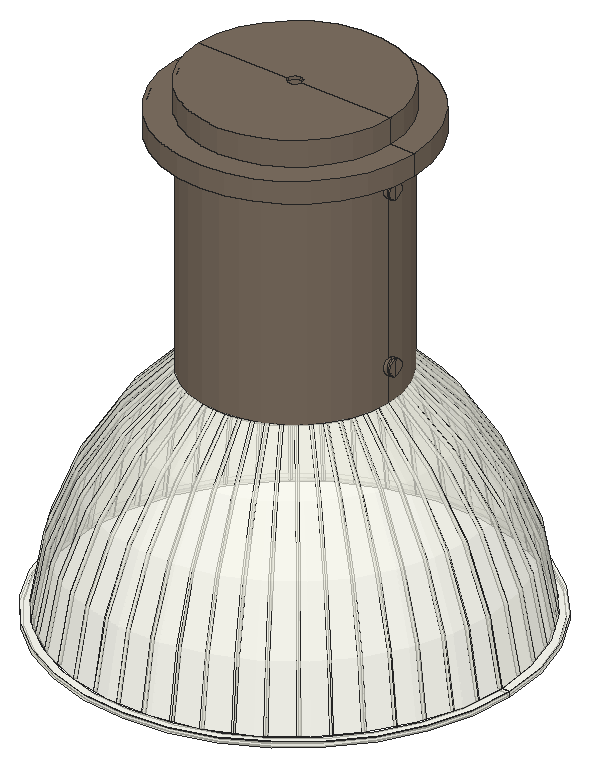
Revit family "FA16", category Lighting Fixtures, Revit 2024
Family settings
  Round Connector Dimension = Use Diameter
  Part Type = Normal
  OmniClass Number = 23.80.70.00
  OmniClass Title = Lighting
  Work Plane-Based = No
  Always vertical = Yes
  Cut with Voids When Loaded = No
  Light Source = No
  Maintain Annotation Orientation = No
  Shared = No
  Room Calculation Point = No
Parameters
  Default Elevation = 0' - 0"
Reference planes (in)
  plane 1 "Light Source Axis (F/B)": y = 0
  plane 2: z = 0
  plane 3 "Light Source Axis (L/R)": x = 0
  plane 4 "Light Source Elevation": z = 54
Forms (in)
  Revolve 1, solid, material "63"
    sketch origin (0, 0, 0) x (1, 0, 0) y (0, 0, 1)
      loop
        line (0.25, 71.75) -> (0.25, 71.65625) -> (3.46875, 71.65625) -> (3.46875, 70.78125) -> (4.34375, 70.78125) -> (4.34375, 70.21875) -> (3.75, 70.21875)
        arc (3.75, 70.21875) -> (3.50693, 70.11807) -> (3.40625, 69.875) r 0.34375
        line (3.40625, 69.875) -> (3.40625, 62.34375) -> (0.25, 62.34375) -> (0.25, 62.25) -> (3.5, 62.25) -> (3.5, 69.875)
        arc (3.5, 69.875) -> (3.57322, 70.05178) -> (3.75, 70.125) r 0.25
        line (3.75, 70.125) -> (4.4375, 70.125) -> (4.4375, 70.875) -> (3.5625, 70.875) -> (3.5625, 71.75) -> (0.25, 71.75)
      axis (0, 71.75) -> (0, 62.25)
    angle from 0 to 360
  Revolve 2, solid, material "63"
    sketch origin (0, 0, -2.5) x (1, 0, 0) y (0, 0, 1)
      loop
        line (3.5, 71.875) -> (3.75, 71.875) -> (3.75, 72.145) -> (3.686, 72.145) -> (3.686, 72.105)
        arc (3.686, 72.105) -> (3.633, 72.052) -> (3.58, 72.105) r 0.053
        arc (3.58, 72.105) -> (3.54, 72.145) -> (3.5, 72.105) r 0.04
        line (3.5, 72.105) -> (3.5, 71.875)
      axis (3.75, 71.875) -> (3.5, 71.875)
    angle from 0 to 360
  Revolve 3, solid, material "63"
    sketch origin (0, 0, -8.375) x (1, 0, 0) y (0, 0, 1)
      loop
        line (3.5, 71.875) -> (3.75, 71.875) -> (3.75, 72.145) -> (3.686, 72.145) -> (3.686, 72.105)
        arc (3.686, 72.105) -> (3.633, 72.052) -> (3.58, 72.105) r 0.053
        arc (3.58, 72.105) -> (3.54, 72.145) -> (3.5, 72.105) r 0.04
        line (3.5, 72.105) -> (3.5, 71.875)
      axis (3.75, 71.875) -> (3.5, 71.875)
    angle from 0 to 360
  Revolve 4, solid, material "63"
    sketch origin (0, 0, -2.5) x (-1, 0, 0) y (0, 0, -1)
      loop
        line (3.5, -71.875) -> (3.5, -72.105)
        arc (3.5, -72.105) -> (3.54, -72.145) -> (3.58, -72.105) r 0.04
        arc (3.58, -72.105) -> (3.633, -72.052) -> (3.686, -72.105) r 0.053
        line (3.686, -72.105) -> (3.686, -72.145) -> (3.75, -72.145) -> (3.75, -71.875) -> (3.5, -71.875)
      axis (3.75, -71.875) -> (3.5, -71.875)
    angle from 0 to 360
  Revolve 5, solid, material "63"
    sketch origin (0, 0, -8.375) x (-1, 0, 0) y (0, 0, -1)
      loop
        line (3.5, -71.875) -> (3.5, -72.105)
        arc (3.5, -72.105) -> (3.54, -72.145) -> (3.58, -72.105) r 0.04
        arc (3.58, -72.105) -> (3.633, -72.052) -> (3.686, -72.105) r 0.053
        line (3.686, -72.105) -> (3.686, -72.145) -> (3.75, -72.145) -> (3.75, -71.875) -> (3.5, -71.875)
      axis (3.75, -71.875) -> (3.5, -71.875)
    angle from 0 to 360
  Revolve 6, solid, material "GLASS SHADE"
    sketch origin (0, 0, 0) x (1, 0, 0) y (0, 0, 1)
      loop
        arc (7.70555, 54.2) -> (6.41241, 58.64798) -> (3.5, 62.25) r 11.7447
        line (3.5, 62.25) -> (0.25, 62.25) -> (0.25, 62.17784) -> (3.44015, 62.17784)
        arc (3.44015, 62.17784) -> (6.34918, 58.56636) -> (7.61908, 54.10625) r 11.65095
        line (7.61908, 54.10625) -> (7.90625, 54.10625) -> (7.90625, 54) -> (8, 54) -> (8, 54.2) -> (7.70555, 54.2)
      axis (0, 54) -> (0, 62.25)
    angle from 0 to 360
  Sweep 7, solid, material "GLASS SHADE"
    path origin (0, 0, 0) x (1, 0, 0) y (0, 0, 1)
      loop
        arc (3.44015, 62.17784) -> (6.31714, 58.603) -> (7.60946, 54.2) r 11.7765
    profile origin (6.31714, 0, 58.603) x (0.886267, 0, 0.463174) y (0, -1, 0)
      loop
        circle (0, 0) r 0.0625
  Sweep 8, solid, material "GLASS SHADE"
    path origin (0, 0, 0) x (0.992115, -0.125333, 0) y (0, 0, 1)
      loop
        arc (3.44015, 62.17784) -> (6.31714, 58.603) -> (7.60946, 54.2) r 11.7765
    profile origin (6.26732, -0.79175, 58.603) x (0.879279, -0.111079, 0.463174) y (-0.125333, -0.992115, 0)
      loop
        circle (0, 0) r 0.0625
  Sweep 9, solid, material "GLASS SHADE"
    path origin (0, 0, 0) x (0.992115, 0.125333, 0) y (0, 0, 1)
      loop
        arc (3.44015, 62.17784) -> (6.31714, 58.603) -> (7.60946, 54.2) r 11.7765
    profile origin (6.26732, 0.79175, 58.603) x (0.879279, 0.111079, 0.463174) y (0.125333, -0.992115, 0)
      loop
        circle (0, 0) r 0.0625
  Sweep 10, solid, material "GLASS SHADE"
    path origin (0, 0, 0) x (0.968583, 0.24869, 0) y (0, 0, 1)
      loop
        arc (3.44015, 62.17784) -> (6.31714, 58.603) -> (7.60946, 54.2) r 11.7765
    profile origin (6.11867, 1.57101, 58.603) x (0.858424, 0.220406, 0.463174) y (0.24869, -0.968583, 0)
      loop
        circle (0, 0) r 0.0625
  Sweep 11, solid, material "GLASS SHADE"
    path origin (0, 0, 0) x (0.929776, 0.368125, 0) y (0, 0, 1)
      loop
        arc (3.44015, 62.17784) -> (6.31714, 58.603) -> (7.60946, 54.2) r 11.7765
    profile origin (5.87353, 2.32549, 58.603) x (0.824031, 0.326257, 0.463174) y (0.368125, -0.929776, 0)
      loop
        circle (0, 0) r 0.0625
  Sweep 12, solid, material "GLASS SHADE"
    path origin (0, 0, 0) x (0.876307, 0.481754, 0) y (0, 0, 1)
      loop
        arc (3.44015, 62.17784) -> (6.31714, 58.603) -> (7.60946, 54.2) r 11.7765
    profile origin (5.53575, 3.0433, 58.603) x (0.776642, 0.426963, 0.463174) y (0.481754, -0.876307, 0)
      loop
        circle (0, 0) r 0.0625
  Sweep 13, solid, material "GLASS SHADE"
    path origin (0, 0, 0) x (0.809017, 0.587785, 0) y (0, 0, 1)
      loop
        arc (3.44015, 62.17784) -> (6.31714, 58.603) -> (7.60946, 54.2) r 11.7765
    profile origin (5.11067, 3.71312, 58.603) x (0.717005, 0.520935, 0.463174) y (0.587785, -0.809017, 0)
      loop
        circle (0, 0) r 0.0625
  Sweep 14, solid, material "GLASS SHADE"
    path origin (0, 0, 0) x (0.728969, 0.684547, 0) y (0, 0, 1)
      loop
        arc (3.44015, 62.17784) -> (6.31714, 58.603) -> (7.60946, 54.2) r 11.7765
    profile origin (4.60499, 4.32438, 58.603) x (0.646061, 0.606692, 0.463174) y (0.684547, -0.728969, 0)
      loop
        circle (0, 0) r 0.0625
  Sweep 15, solid, material "GLASS SHADE"
    path origin (0, 0, 0) x (0.637424, 0.770513, 0) y (0, 0, 1)
      loop
        arc (3.44015, 62.17784) -> (6.31714, 58.603) -> (7.60946, 54.2) r 11.7765
    profile origin (4.02669, 4.86744, 58.603) x (0.564928, 0.682881, 0.463174) y (0.770513, -0.637424, 0)
      loop
        circle (0, 0) r 0.0625
  Sweep 16, solid, material "GLASS SHADE"
    path origin (0, 0, 0) x (0.535827, 0.844328, 0) y (0, 0, 1)
      loop
        arc (3.44015, 62.17784) -> (6.31714, 58.603) -> (7.60946, 54.2) r 11.7765
    profile origin (3.38489, 5.33374, 58.603) x (0.474886, 0.7483, 0.463174) y (0.844328, -0.535827, 0)
      loop
        circle (0, 0) r 0.0625
  Sweep 17, solid, material "GLASS SHADE"
    path origin (0, 0, 0) x (0.425779, 0.904827, 0) y (0, 0, 1)
      loop
        arc (3.44015, 62.17784) -> (6.31714, 58.603) -> (7.60946, 54.2) r 11.7765
    profile origin (2.68971, 5.71592, 58.603) x (0.377354, 0.801919, 0.463174) y (0.904827, -0.425779, 0)
      loop
        circle (0, 0) r 0.0625
  Sweep 18, solid, material "GLASS SHADE"
    path origin (0, 0, 0) x (0.309017, 0.951057, 0) y (0, 0, 1)
      loop
        arc (3.44015, 62.17784) -> (6.31714, 58.603) -> (7.60946, 54.2) r 11.7765
    profile origin (1.9521, 6.00795, 58.603) x (0.273872, 0.84289, 0.463174) y (0.951057, -0.309017, 0)
      loop
        circle (0, 0) r 0.0625
  Sweep 19, solid, material "GLASS SHADE"
    path origin (0, 0, 0) x (0.187381, 0.982287, 0) y (0, 0, 1)
      loop
        arc (3.44015, 62.17784) -> (6.31714, 58.603) -> (7.60946, 54.2) r 11.7765
    profile origin (1.18371, 6.20524, 58.603) x (0.16607, 0.870569, 0.463174) y (0.982287, -0.187381, 0)
      loop
        circle (0, 0) r 0.0625
  Sweep 20, solid, material "GLASS SHADE"
    path origin (0, 0, 0) x (0.062791, 0.998027, 0) y (0, 0, 1)
      loop
        arc (3.44015, 62.17784) -> (6.31714, 58.603) -> (7.60946, 54.2) r 11.7765
    profile origin (0.39666, 6.30467, 58.603) x (0.055649, 0.884519, 0.463174) y (0.998027, -0.062791, 0)
      loop
        circle (0, 0) r 0.0625
  Sweep 21, solid, material "GLASS SHADE"
    path origin (0, 0, 0) x (-0.062791, 0.998027, 0) y (0, 0, 1)
      loop
        arc (3.44015, 62.17784) -> (6.31714, 58.603) -> (7.60946, 54.2) r 11.7765
    profile origin (-0.39666, 6.30467, 58.603) x (-0.055649, 0.884519, 0.463174) y (0.998027, 0.062791, 0)
      loop
        circle (0, 0) r 0.0625
  Sweep 22, solid, material "GLASS SHADE"
    path origin (0, 0, 0) x (-0.187381, 0.982287, 0) y (0, 0, 1)
      loop
        arc (3.44015, 62.17784) -> (6.31714, 58.603) -> (7.60946, 54.2) r 11.7765
    profile origin (-1.18371, 6.20524, 58.603) x (-0.16607, 0.870569, 0.463174) y (0.982287, 0.187381, 0)
      loop
        circle (0, 0) r 0.0625
  Sweep 23, solid, material "GLASS SHADE"
    path origin (0, 0, 0) x (-0.309017, 0.951057, 0) y (0, 0, 1)
      loop
        arc (3.44015, 62.17784) -> (6.31714, 58.603) -> (7.60946, 54.2) r 11.7765
    profile origin (-1.9521, 6.00795, 58.603) x (-0.273872, 0.84289, 0.463174) y (0.951057, 0.309017, 0)
      loop
        circle (0, 0) r 0.0625
  Sweep 24, solid, material "GLASS SHADE"
    path origin (0, 0, 0) x (-0.425779, 0.904827, 0) y (0, 0, 1)
      loop
        arc (3.44015, 62.17784) -> (6.31714, 58.603) -> (7.60946, 54.2) r 11.7765
    profile origin (-2.68971, 5.71592, 58.603) x (-0.377354, 0.801919, 0.463174) y (0.904827, 0.425779, 0)
      loop
        circle (0, 0) r 0.0625
  Sweep 25, solid, material "GLASS SHADE"
    path origin (0, 0, 0) x (-0.535827, 0.844328, 0) y (0, 0, 1)
      loop
        arc (3.44015, 62.17784) -> (6.31714, 58.603) -> (7.60946, 54.2) r 11.7765
    profile origin (-3.38489, 5.33374, 58.603) x (-0.474886, 0.7483, 0.463174) y (0.844328, 0.535827, 0)
      loop
        circle (0, 0) r 0.0625
  Sweep 26, solid, material "GLASS SHADE"
    path origin (0, 0, 0) x (-0.637424, 0.770513, 0) y (0, 0, 1)
      loop
        arc (3.44015, 62.17784) -> (6.31714, 58.603) -> (7.60946, 54.2) r 11.7765
    profile origin (-4.02669, 4.86744, 58.603) x (-0.564928, 0.682881, 0.463174) y (0.770513, 0.637424, 0)
      loop
        circle (0, 0) r 0.0625
  Sweep 27, solid, material "GLASS SHADE"
    path origin (0, 0, 0) x (-0.728969, 0.684547, 0) y (0, 0, 1)
      loop
        arc (3.44015, 62.17784) -> (6.31714, 58.603) -> (7.60946, 54.2) r 11.7765
    profile origin (-4.60499, 4.32438, 58.603) x (-0.646061, 0.606692, 0.463174) y (0.684547, 0.728969, 0)
      loop
        circle (0, 0) r 0.0625
  Sweep 28, solid, material "GLASS SHADE"
    path origin (0, 0, 0) x (-0.809017, 0.587785, 0) y (0, 0, 1)
      loop
        arc (3.44015, 62.17784) -> (6.31714, 58.603) -> (7.60946, 54.2) r 11.7765
    profile origin (-5.11067, 3.71312, 58.603) x (-0.717005, 0.520935, 0.463174) y (0.587785, 0.809017, 0)
      loop
        circle (0, 0) r 0.0625
  Sweep 29, solid, material "GLASS SHADE"
    path origin (0, 0, 0) x (-0.876307, 0.481754, 0) y (0, 0, 1)
      loop
        arc (3.44015, 62.17784) -> (6.31714, 58.603) -> (7.60946, 54.2) r 11.7765
    profile origin (-5.53575, 3.0433, 58.603) x (-0.776642, 0.426963, 0.463174) y (0.481754, 0.876307, 0)
      loop
        circle (0, 0) r 0.0625
  Sweep 30, solid, material "GLASS SHADE"
    path origin (0, 0, 0) x (-0.929776, 0.368125, 0) y (0, 0, 1)
      loop
        arc (3.44015, 62.17784) -> (6.31714, 58.603) -> (7.60946, 54.2) r 11.7765
    profile origin (-5.87353, 2.32549, 58.603) x (-0.824031, 0.326257, 0.463174) y (0.368125, 0.929776, 0)
      loop
        circle (0, 0) r 0.0625
  Sweep 31, solid, material "GLASS SHADE"
    path origin (0, 0, 0) x (-0.968583, 0.24869, 0) y (0, 0, 1)
      loop
        arc (3.44015, 62.17784) -> (6.31714, 58.603) -> (7.60946, 54.2) r 11.7765
    profile origin (-6.11867, 1.57101, 58.603) x (-0.858424, 0.220406, 0.463174) y (0.24869, 0.968583, 0)
      loop
        circle (0, 0) r 0.0625
  Sweep 32, solid, material "GLASS SHADE"
    path origin (0, 0, 0) x (-0.992115, 0.125333, 0) y (0, 0, 1)
      loop
        arc (3.44015, 62.17784) -> (6.31714, 58.603) -> (7.60946, 54.2) r 11.7765
    profile origin (-6.26732, 0.79175, 58.603) x (-0.879279, 0.111079, 0.463174) y (0.125333, 0.992115, 0)
      loop
        circle (0, 0) r 0.0625
  Sweep 33, solid, material "GLASS SHADE"
    path origin (0, 0, 0) x (-1, 0, 0) y (0, 0, 1)
      loop
        arc (3.44015, 62.17784) -> (6.31714, 58.603) -> (7.60946, 54.2) r 11.7765
    profile origin (-6.31714, 0, 58.603) x (-0.886267, 0, 0.463174) y (0, 1, 0)
      loop
        circle (0, 0) r 0.0625
  Sweep 34, solid, material "GLASS SHADE"
    path origin (0, 0, 0) x (-0.992115, -0.125333, 0) y (0, 0, 1)
      loop
        arc (3.44015, 62.17784) -> (6.31714, 58.603) -> (7.60946, 54.2) r 11.7765
    profile origin (-6.26732, -0.79175, 58.603) x (-0.879279, -0.111079, 0.463174) y (-0.125333, 0.992115, 0)
      loop
        circle (0, 0) r 0.0625
  Sweep 35, solid, material "GLASS SHADE"
    path origin (0, 0, 0) x (-0.968583, -0.24869, 0) y (0, 0, 1)
      loop
        arc (3.44015, 62.17784) -> (6.31714, 58.603) -> (7.60946, 54.2) r 11.7765
    profile origin (-6.11867, -1.57101, 58.603) x (-0.858424, -0.220406, 0.463174) y (-0.24869, 0.968583, 0)
      loop
        circle (0, 0) r 0.0625
  Sweep 36, solid, material "GLASS SHADE"
    path origin (0, 0, 0) x (-0.929776, -0.368125, 0) y (0, 0, 1)
      loop
        arc (3.44015, 62.17784) -> (6.31714, 58.603) -> (7.60946, 54.2) r 11.7765
    profile origin (-5.87353, -2.32549, 58.603) x (-0.824031, -0.326257, 0.463174) y (-0.368125, 0.929776, 0)
      loop
        circle (0, 0) r 0.0625
  Sweep 37, solid, material "GLASS SHADE"
    path origin (0, 0, 0) x (-0.876307, -0.481754, 0) y (0, 0, 1)
      loop
        arc (3.44015, 62.17784) -> (6.31714, 58.603) -> (7.60946, 54.2) r 11.7765
    profile origin (-5.53575, -3.0433, 58.603) x (-0.776642, -0.426963, 0.463174) y (-0.481754, 0.876307, 0)
      loop
        circle (0, 0) r 0.0625
  Sweep 38, solid, material "GLASS SHADE"
    path origin (0, 0, 0) x (-0.809017, -0.587785, 0) y (0, 0, 1)
      loop
        arc (3.44015, 62.17784) -> (6.31714, 58.603) -> (7.60946, 54.2) r 11.7765
    profile origin (-5.11067, -3.71312, 58.603) x (-0.717005, -0.520935, 0.463174) y (-0.587785, 0.809017, 0)
      loop
        circle (0, 0) r 0.0625
  Sweep 39, solid, material "GLASS SHADE"
    path origin (0, 0, 0) x (-0.728969, -0.684547, 0) y (0, 0, 1)
      loop
        arc (3.44015, 62.17784) -> (6.31714, 58.603) -> (7.60946, 54.2) r 11.7765
    profile origin (-4.60499, -4.32438, 58.603) x (-0.646061, -0.606692, 0.463174) y (-0.684547, 0.728969, 0)
      loop
        circle (0, 0) r 0.0625
  Sweep 40, solid, material "GLASS SHADE"
    path origin (0, 0, 0) x (-0.637424, -0.770513, 0) y (0, 0, 1)
      loop
        arc (3.44015, 62.17784) -> (6.31714, 58.603) -> (7.60946, 54.2) r 11.7765
    profile origin (-4.02669, -4.86744, 58.603) x (-0.564928, -0.682881, 0.463174) y (-0.770513, 0.637424, 0)
      loop
        circle (0, 0) r 0.0625
  Sweep 41, solid, material "GLASS SHADE"
    path origin (0, 0, 0) x (-0.535827, -0.844328, 0) y (0, 0, 1)
      loop
        arc (3.44015, 62.17784) -> (6.31714, 58.603) -> (7.60946, 54.2) r 11.7765
    profile origin (-3.38489, -5.33374, 58.603) x (-0.474886, -0.7483, 0.463174) y (-0.844328, 0.535827, 0)
      loop
        circle (0, 0) r 0.0625
  Sweep 42, solid, material "GLASS SHADE"
    path origin (0, 0, 0) x (-0.425779, -0.904827, 0) y (0, 0, 1)
      loop
        arc (3.44015, 62.17784) -> (6.31714, 58.603) -> (7.60946, 54.2) r 11.7765
    profile origin (-2.68971, -5.71592, 58.603) x (-0.377354, -0.801919, 0.463174) y (-0.904827, 0.425779, 0)
      loop
        circle (0, 0) r 0.0625
  Sweep 43, solid, material "GLASS SHADE"
    path origin (0, 0, 0) x (-0.309017, -0.951057, 0) y (0, 0, 1)
      loop
        arc (3.44015, 62.17784) -> (6.31714, 58.603) -> (7.60946, 54.2) r 11.7765
    profile origin (-1.9521, -6.00795, 58.603) x (-0.273872, -0.84289, 0.463174) y (-0.951057, 0.309017, 0)
      loop
        circle (0, 0) r 0.0625
  Sweep 44, solid, material "GLASS SHADE"
    path origin (0, 0, 0) x (-0.187381, -0.982287, 0) y (0, 0, 1)
      loop
        arc (3.44015, 62.17784) -> (6.31714, 58.603) -> (7.60946, 54.2) r 11.7765
    profile origin (-1.18371, -6.20524, 58.603) x (-0.16607, -0.870569, 0.463174) y (-0.982287, 0.187381, 0)
      loop
        circle (0, 0) r 0.0625
  Sweep 45, solid, material "GLASS SHADE"
    path origin (0, 0, 0) x (-0.062791, -0.998027, 0) y (0, 0, 1)
      loop
        arc (3.44015, 62.17784) -> (6.31714, 58.603) -> (7.60946, 54.2) r 11.7765
    profile origin (-0.39666, -6.30467, 58.603) x (-0.055649, -0.884519, 0.463174) y (-0.998027, 0.062791, 0)
      loop
        circle (0, 0) r 0.0625
  Sweep 46, solid, material "GLASS SHADE"
    path origin (0, 0, 0) x (0.062791, -0.998027, 0) y (0, 0, 1)
      loop
        arc (3.44015, 62.17784) -> (6.31714, 58.603) -> (7.60946, 54.2) r 11.7765
    profile origin (0.39666, -6.30467, 58.603) x (0.055649, -0.884519, 0.463174) y (-0.998027, -0.062791, 0)
      loop
        circle (0, 0) r 0.0625
  Sweep 47, solid, material "GLASS SHADE"
    path origin (0, 0, 0) x (0.187381, -0.982287, 0) y (0, 0, 1)
      loop
        arc (3.44015, 62.17784) -> (6.31714, 58.603) -> (7.60946, 54.2) r 11.7765
    profile origin (1.18371, -6.20524, 58.603) x (0.16607, -0.870569, 0.463174) y (-0.982287, -0.187381, 0)
      loop
        circle (0, 0) r 0.0625
  Sweep 48, solid, material "GLASS SHADE"
    path origin (0, 0, 0) x (0.309017, -0.951057, 0) y (0, 0, 1)
      loop
        arc (3.44015, 62.17784) -> (6.31714, 58.603) -> (7.60946, 54.2) r 11.7765
    profile origin (1.9521, -6.00795, 58.603) x (0.273872, -0.84289, 0.463174) y (-0.951057, -0.309017, 0)
      loop
        circle (0, 0) r 0.0625
  Sweep 49, solid, material "GLASS SHADE"
    path origin (0, 0, 0) x (0.425779, -0.904827, 0) y (0, 0, 1)
      loop
        arc (3.44015, 62.17784) -> (6.31714, 58.603) -> (7.60946, 54.2) r 11.7765
    profile origin (2.68971, -5.71592, 58.603) x (0.377354, -0.801919, 0.463174) y (-0.904827, -0.425779, 0)
      loop
        circle (0, 0) r 0.0625
  Sweep 50, solid, material "GLASS SHADE"
    path origin (0, 0, 0) x (0.535827, -0.844328, 0) y (0, 0, 1)
      loop
        arc (3.44015, 62.17784) -> (6.31714, 58.603) -> (7.60946, 54.2) r 11.7765
    profile origin (3.38489, -5.33374, 58.603) x (0.474886, -0.7483, 0.463174) y (-0.844328, -0.535827, 0)
      loop
        circle (0, 0) r 0.0625
  Sweep 51, solid, material "GLASS SHADE"
    path origin (0, 0, 0) x (0.637424, -0.770513, 0) y (0, 0, 1)
      loop
        arc (3.44015, 62.17784) -> (6.31714, 58.603) -> (7.60946, 54.2) r 11.7765
    profile origin (4.02669, -4.86744, 58.603) x (0.564928, -0.682881, 0.463174) y (-0.770513, -0.637424, 0)
      loop
        circle (0, 0) r 0.0625
  Sweep 52, solid, material "GLASS SHADE"
    path origin (0, 0, 0) x (0.728969, -0.684547, 0) y (0, 0, 1)
      loop
        arc (3.44015, 62.17784) -> (6.31714, 58.603) -> (7.60946, 54.2) r 11.7765
    profile origin (4.60499, -4.32438, 58.603) x (0.646061, -0.606692, 0.463174) y (-0.684547, -0.728969, 0)
      loop
        circle (0, 0) r 0.0625
  Sweep 53, solid, material "GLASS SHADE"
    path origin (0, 0, 0) x (0.809017, -0.587785, 0) y (0, 0, 1)
      loop
        arc (3.44015, 62.17784) -> (6.31714, 58.603) -> (7.60946, 54.2) r 11.7765
    profile origin (5.11067, -3.71312, 58.603) x (0.717005, -0.520935, 0.463174) y (-0.587785, -0.809017, 0)
      loop
        circle (0, 0) r 0.0625
  Sweep 54, solid, material "GLASS SHADE"
    path origin (0, 0, 0) x (0.876307, -0.481754, 0) y (0, 0, 1)
      loop
        arc (3.44015, 62.17784) -> (6.31714, 58.603) -> (7.60946, 54.2) r 11.7765
    profile origin (5.53575, -3.0433, 58.603) x (0.776642, -0.426963, 0.463174) y (-0.481754, -0.876307, 0)
      loop
        circle (0, 0) r 0.0625
  Sweep 55, solid, material "GLASS SHADE"
    path origin (0, 0, 0) x (0.929776, -0.368125, 0) y (0, 0, 1)
      loop
        arc (3.44015, 62.17784) -> (6.31714, 58.603) -> (7.60946, 54.2) r 11.7765
    profile origin (5.87353, -2.32549, 58.603) x (0.824031, -0.326257, 0.463174) y (-0.368125, -0.929776, 0)
      loop
        circle (0, 0) r 0.0625
  Sweep 56, solid, material "GLASS SHADE"
    path origin (0, 0, 0) x (0.968583, -0.24869, 0) y (0, 0, 1)
      loop
        arc (3.44015, 62.17784) -> (6.31714, 58.603) -> (7.60946, 54.2) r 11.7765
    profile origin (6.11867, -1.57101, 58.603) x (0.858424, -0.220406, 0.463174) y (-0.24869, -0.968583, 0)
      loop
        circle (0, 0) r 0.0625
Dimensions and locks (in)
  aligned and locked: level to plane 2
